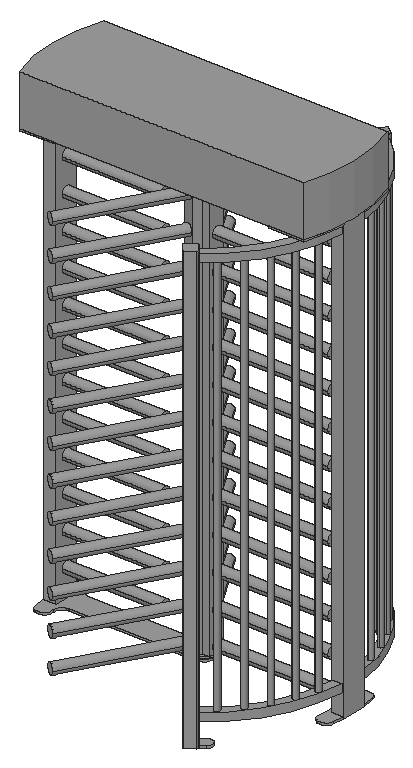
Revit family "ASSA_ABLOY_FT100", category Generic Models, Revit 2020
Family settings
  Can host rebar = No
  Round Connector Dimension = Use Diameter
  Part Type = Normal
  Work Plane-Based = No
  Always vertical = Yes
  Cut with Voids When Loaded = No
  Shared = No
  Room Calculation Point = No
Parameters (values of type "FT100")
  Weight = "Depends on configuration and size"
  WarrantyDescription = "Depends on country"
  Uniclass2 = ""
  URL = "https://www.assaabloyentrance.com"
  ThresholdRequired = no
  System Type Input [instance] = 1
  Shape = "Cylinder shaped"
  ServiceLifeDuration = "10-15 years"
  SerialNumber = "n/a"
  SelfClosing = yes
  SafetyDevices = "Force Limitations"
  ReplacementCost = "Depends on the configuration and door type"
  ReferenceStandard = "n/a"
  ProductionYear = "n/a"
  PassageWidthOptions = "600, 630, 670"
  OperatingTemperature = "-20º to +70ºC"
  NominalWidth = 1441.0 mm
  NominalLength = 1220.0 mm
  NominalHeight = 2370.0 mm
  ModelReference = "Depends on the configuration"
  Model = "Maxima"
  Material = "Aluminum"
  ManufacturerURL = "https://www.assaabloyentrance.com"
  Manufacturer = "Tansa"
  Length [instance] = if(System Type Input = 1, 1220.0 mm, if(System Type Input = 2, 1295.0 mm, if(System Type Input = 3, 1372.0 mm, 1372.0 mm)))  # 1220.0 mm
  LeafColourOptions = "All RAL, customer specific"
  IssueDate = "n/a"
  IsExternal = yes
  HeightUnderCanopyOptions = "2125"
  HasDrive = yes
  HandicapAccessible = no
  GlassType = "n/a"
  GlassThickness2 = 0.0 mm
  GlassThickness1 = 0.0 mm
  GlassLayers = 0
  FrameSeal = yes
  FrameProfile = "Aluminium"
  FrameFinishOptions = "Powder coated, Anodized, Clad in stainless steel, etc."
  Frame Material [instance] = AssaAbloy_Metal
  FireExit = no
  Finish [instance] = "Powder coated, Anodized, stainless steel, customer specific"
  ElectronicLock = yes
  DrumWallOptions = "Metal"
  DoorsetOptions = "no"
  DoorsetOperation = "Automatic"
  DoorsetFasteners = "Screws"
  DoorIncluded = yes
  Description = "Full height turnstile"
  Default Elevation = 0.0 mm
  Construction Type = "Full-height turnstile"
  Colour = "Customer specific"
  Clearance Zone Material [instance] = AssaAbloy_Clearance
  Clearance Zone [instance] = no
  Width [instance] = if(System Type Input = 1, 1441.0 mm, if(System Type Input = 2, 1501.0 mm, if(System Type Input = 3, 1580.0 mm, 1580.0 mm)))  # 1441.0 mm
  Clear Open Width [instance] = if(System Type Input = 1, 600.0 mm, if(System Type Input = 2, 630.0 mm, if(System Type Input = 3, 670.0 mm, 670.0 mm)))  # 600.0 mm
  Capacity = "n/a"
  Burglar resistance = "No"
  BreakoutFacility = no
  Author = "agtatec"
  AntiFingerTrapRequirement = no
  Anti-tailgating/Anti-piggybacking = "Yes"
  AccessoryOptions = "Contact manufacturer"
  Access control/Biometrics = "Yes"
Reference planes
  plane 1 "Center (Front/Back)": y = 0
  plane 2: z = 0
  plane 3 "Center (Left/Right)": x = 0
  plane 4: x = -720.5
  plane 5: x = 720.5
Dimensions and locks
  equal spacing: plane 4, plane 3 "Center (Left/Right)", plane 5
  "Width": plane 4 to plane 5
  aligned and locked: level to plane 2
  aligned and locked: nested 3 to plane 4
  aligned and locked: plane 5 to nested 1
Nested families
  nested 1: "record_MRT_SideElement" at (720.5, 0, 0), type "record_MRT_SideElement"
    with Width/2 720.5 mm, Grid no, Grate yes, Width 1441.0 mm
  nested 2: "record_MRT_Canopy" at (0, 0, 2125), Width <- "Width", Clearance Zone <- "Clearance Zone", Clearance Zone Material <- "Clearance Zone Material", type "record_MRT_Canopy"
    with Width 1441.0 mm, Clearance Zone Material AssaAbloy_Clearance, Clearance Zone no
  nested 3: "record_MRT_SideElement" at (-720.5, 0, 0) x (-1, 0, 0) z (0, 0, 1), type "record_MRT_SideElement"
    with Width/2 720.5 mm, Grid yes, Grate no, Width 1441.0 mm
  nested 4: "record_MRT_Grate" at (0, 0, 0), Width <- "Width", type "record_MRT_Grate"
    with Width 1441.0 mm, Radius 692.9 mm, Length 1220.0 mm, Angle 52.95°
  nested 5: "record_MRT_Grate" at (0, 0, 0), Width <- "Width", type "record_MRT_Grate"
    with Width 1441.0 mm, Radius 692.9 mm, Length 1220.0 mm, Angle 52.95°
  nested 6: "record_MRT_CZ" at (0, 0, 0), Width <- "Width", Clearance Zone <- "Clearance Zone", Clearance Zone Material <- "Clearance Zone Material", type "record_MRT_CZ"
    with Width 1441.0 mm, Clearance Zone Material AssaAbloy_Clearance, Clearance Zone no, CZRadius2 621.3 mm, CZRadius1 725.5 mm, Angle 52.95°
  nested 7: "record_MRT_RevolvingElement" at (0, 0, 0), type "record_MRT_RevolvingElement"
    with Rods Offset 37.0 mm, Rods Length 555.9 mm, COW 600.0 mm
Definition of nested family "record_MRT_SideElement"
  Parameters (values of type "record_MRT_SideElement")
    Width/2 [instance] = Width / 2  # 790.0 mm
    Width = 1580.0 mm
    Grid [instance] = yes
    Grate [instance] = yes
    Frame Material = none
    Default Elevation = 0.0 mm
  Reference planes
    plane 1 "Center (Front/Back)": y = 0
    plane 2: z = 0
    plane 3 "Center (Left/Right)": x = 0
    plane 4: z = 2125
    plane 5: x = -790
    plane 6: x = -605.8
    plane 7: x = -120.668
  Forms (mm)
    Sweep 1, solid, material <- "Frame Material", visible <- "Grate", not visible
      path origin (743.754, 172.094, 0) x (0, 0, 1) y (0.225717, -0.974193, 0)
        loop
          line (148.5, 0) -> (2077, 0)
      profile origin (743.754, 172.094, 1112.75) x (0.225717, -0.974193, 0) y (0.974193, 0.225717, 0)
        loop
          circle (0, -0.066) r 10
    Sweep 2, solid, material <- "Frame Material", visible <- "Grate", not visible
      path origin (709.973, 280.46, 0) x (0, 0, 1) y (0.36785, -0.929885, 0)
        loop
          line (148.5, 0) -> (2077, 0)
      profile origin (709.973, 280.46, 1112.75) x (0.36785, -0.929885, 0) y (0.929885, 0.36785, 0)
        loop
          circle (0, -0.066) r 10
    Sweep 3, solid, material <- "Frame Material", visible <- "Grate", not visible
      path origin (660.477, 382.61, 0) x (0, 0, 1) y (0.50183, -0.864966, 0)
        loop
          line (148.5, 0) -> (2077, 0)
      profile origin (660.477, 382.61, 1112.75) x (0.50183, -0.864966, 0) y (0.864966, 0.50183, 0)
        loop
          circle (0, -0.066) r 10
    Sweep 4, solid, material <- "Frame Material", visible <- "Grate", not visible
      path origin (599.29, 472.625, 0) x (0, 0, 1) y (0.625012, -0.780615, 0)
        loop
          line (148.5, -5) -> (2077, -5)
      profile origin (596.165, 476.528, 1112.75) x (0.625012, -0.780615, 0) y (0.780615, 0.625012, 0)
        loop
          circle (0, -0.066) r 10
    Sweep 5, solid, material <- "Frame Material", visible <- "Grate", not visible
      path origin (522.49, 556.213, 0) x (0, 0, 1) y (0.73398, -0.679171, 0)
        loop
          line (148.5, -5) -> (2077, -5)
      profile origin (518.82, 559.609, 1112.75) x (0.73398, -0.679171, 0) y (0.679171, 0.73398, 0)
        loop
          circle (0, -0.066) r 10
    Sweep 6, solid, material <- "Frame Material", visible <- "Grate", not visible
      path origin (434.471, 627.239, 0) x (0, 0, 1) y (0.826376, -0.563119, 0)
        loop
          line (0, -5) -> (2130, -5)
      profile origin (430.339, 630.054, 1065) x (0.826376, -0.563119, 0) y (0.563119, 0.826376, 0)
        loop
          line (-6.4, 29.934) -> (-53.6, 29.934)
          arc (-53.6, 29.934) -> (-58.125, 28.06) -> (-60, 23.534) r 6.4
          line (-60, 23.534) -> (-60, -23.666)
          arc (-60, -23.666) -> (-58.125, -28.191) -> (-53.6, -30.066) r 6.4
          line (-53.6, -30.066) -> (-6.4, -30.066)
          arc (-6.4, -30.066) -> (-1.875, -28.191) -> (0, -23.666) r 6.4
          line (0, -23.666) -> (0, 23.534)
          arc (0, 23.534) -> (-1.875, 28.06) -> (-6.4, 29.934) r 6.4
    Sweep 7, solid, material <- "Frame Material", visible <- "Grate", not visible
      path origin (0, 0, 0) x (1, 0, 0) y (0, 1, 0)
        loop
          arc (763.43, 0) -> (675.033, 356.342) -> (430.339, 630.054) r 762.43
      profile origin (675.033, 356.342, 0) x (-0.884058, -0.467376, 0) y (0, 0, 1)
        loop
          line (19.934, 108.5) -> (19.934, 148.5) -> (-20.066, 148.5) -> (-20.066, 108.5) -> (19.934, 108.5)
        loop
          line (19.934, 2077) -> (19.934, 2117) -> (-20.066, 2117) -> (-20.066, 2077) -> (19.934, 2077)
    Sweep 8, solid, material <- "Frame Material", visible <- "Grate", not visible
      path origin (430.339, 630.054, 0) x (0, 0, 1) y (0.826376, -0.563119, 0)
        loop
          line (0, 0) -> (8, 0)
      profile origin (430.339, 630.054, 4) x (0.826376, -0.563119, 0) y (0.563119, 0.826376, 0)
        loop
          line (0, 27.934) -> (0, -28.066)
          arc (0, -28.066) -> (14.452, -28.208) -> (28.898, -28.634) r 734.365
          arc (28.898, -28.634) -> (57.978, -1.758) -> (31.102, 27.322) r 28
          arc (31.102, 27.322) -> (15.554, 27.781) -> (0, 27.934) r 790.365
    Sweep 9, solid, material <- "Frame Material", visible <- "Grate", not visible
      path origin (473.627, 546.001, 0) x (0, 0, 1) y (0.755398, -0.655267, 0)
        loop
          line (148.5, 0) -> (2077, 0)
      profile origin (473.627, 546.001, 1112.75) x (0.755398, -0.655267, 0) y (0.655267, 0.755398, 0)
        loop
          arc (10, -0.066) -> (0, 9.934) -> (-10, -0.066) r 10
          line (-10, -0.066) -> (-10, -10) -> (10, -10) -> (10, -0.066)
    Sweep 10, solid, material <- "Frame Material"
      path origin (0, 153.297, 1200) x (0, 1, 0) y (0, 0, 1)
        loop
          line (-153.297, -1200) -> (-153.297, 925)
      profile origin (0, 0, 1062.5) x (0, -1, 0) y (1, 0, 0)
        loop
          line (60, 0) -> (-60, 0) -> (-60, -60) -> (60, -60) -> (60, 0)
    Sweep 11, solid, material <- "Frame Material", visible <- "Grid", detail levels fine
      path origin (-790, 0, 0) x (1, 0, 0) y (0, 1, 0)
        loop
          line (184.2, 0) -> (730, 0)
      profile origin (-332.9, 0, 0) x (0, 1, 0) y (0, 0, 1)
        loop
          circle (0, 143) r 25.5
        loop
          circle (0, 304) r 25.5
        loop
          circle (0, 465) r 25.5
        loop
          circle (0, 626) r 25.5
        loop
          circle (0, 787) r 25.5
        loop
          circle (0, 948) r 25.5
        loop
          circle (0, 1109) r 25.5
        loop
          circle (0, 1270) r 25.5
        loop
          circle (0, 1431) r 25.5
        loop
          circle (0, 1592) r 25.5
        loop
          circle (0, 1753) r 25.5
        loop
          circle (0, 1914) r 25.5
        loop
          circle (0, 2075) r 25.5
    Sweep 12, solid, material <- "Frame Material", visible <- "Grid", detail levels medium
      path origin (0, 0, 0) x (1, 0, 0) y (0, 1, 0)
        loop
          line (-605.8, 0) -> (-60, 0)
      profile origin (-332.9, 0, 0) x (0, 1, 0) y (0, 0, 1)
        loop
          line (25.5, 2100.5) -> (-25.5, 2100.5) -> (-25.5, 2049.5) -> (25.5, 2049.5) -> (25.5, 2100.5)
        loop
          line (25.5, 1939.5) -> (-25.5, 1939.5) -> (-25.5, 1888.5) -> (25.5, 1888.5) -> (25.5, 1939.5)
        loop
          line (25.5, 1778.5) -> (-25.5, 1778.5) -> (-25.5, 1727.5) -> (25.5, 1727.5) -> (25.5, 1778.5)
        loop
          line (25.5, 1617.5) -> (-25.5, 1617.5) -> (-25.5, 1566.5) -> (25.5, 1566.5) -> (25.5, 1617.5)
        loop
          line (25.5, 1456.5) -> (-25.5, 1456.5) -> (-25.5, 1405.5) -> (25.5, 1405.5) -> (25.5, 1456.5)
        loop
          line (25.5, 1295.5) -> (-25.5, 1295.5) -> (-25.5, 1244.5) -> (25.5, 1244.5) -> (25.5, 1295.5)
        loop
          line (25.5, 1134.5) -> (-25.5, 1134.5) -> (-25.5, 1083.5) -> (25.5, 1083.5) -> (25.5, 1134.5)
        loop
          line (25.5, 973.5) -> (-25.5, 973.5) -> (-25.5, 922.5) -> (25.5, 922.5) -> (25.5, 973.5)
        loop
          line (25.5, 812.5) -> (-25.5, 812.5) -> (-25.5, 761.5) -> (25.5, 761.5) -> (25.5, 812.5)
        loop
          line (25.5, 651.5) -> (-25.5, 651.5) -> (-25.5, 600.5) -> (25.5, 600.5) -> (25.5, 651.5)
        loop
          line (25.5, 490.5) -> (-25.5, 490.5) -> (-25.5, 439.5) -> (25.5, 439.5) -> (25.5, 490.5)
        loop
          line (25.5, 329.5) -> (-25.5, 329.5) -> (-25.5, 278.5) -> (25.5, 278.5) -> (25.5, 329.5)
        loop
          line (25.5, 168.5) -> (-25.5, 168.5) -> (-25.5, 117.5) -> (25.5, 117.5) -> (25.5, 168.5)
    Sweep 13, solid, material <- "Frame Material", visible <- "Grid", detail levels coarse
      path origin (0, 0, 0) x (1, 0, 0) y (0, 1, 0)
        loop
          line (-605.8, 0) -> (-60, 0)
      profile origin (-332.9, 0, 0) x (0, 1, 0) y (0, 0, 1)
        loop
          line (25.5, 2125) -> (-25.5, 2125) -> (-25.5, 0) -> (25.5, 0) -> (25.5, 2125)
    Extrusion 14, solid, material <- "Frame Material", visible <- "Grid", detail levels fine
      sketch origin (0, 0, 0) x (1, 0, 0) y (0, 1, 0)
        loop
          arc (-0.483, 60) -> (-2.898, 88.854) -> (-7.332, 117.467) r 412.33
          arc (-7.332, 117.467) -> (-51.695, 147.837) -> (-82.942, 104.088) r 38.4
          arc (-82.942, 104.088) -> (-91.655, 73.359) -> (-120.668, 60) r 38.185
          line (-120.668, 60) -> (-120.668, -60)
          arc (-120.668, -60) -> (-91.659, -73.354) -> (-82.94, -104.076) r 38.185
          arc (-82.94, -104.076) -> (-51.554, -147.836) -> (-7.278, -117.183) r 38.4
          arc (-7.278, -117.183) -> (-2.881, -88.71) -> (-0.483, -60) r 412.33
          line (-0.483, -60) -> (-60, -60) -> (-60, 60) -> (-0.483, 60)
      from 8 to 0
    Extrusion 15, solid, material <- "Frame Material", visible <- "Grid", detail levels fine
      sketch origin (-670.332, 0, 0) x (1, 0, 0) y (0, 1, 0)
        loop
          line (549.664, 60) -> (-119.668, 60)
          arc (-119.668, 60) -> (-179.668, 0) -> (-119.668, -60) r 60
          line (-119.668, -60) -> (549.664, -60) -> (549.664, 60)
      from 8 to 0
  Cuts and joins
    joined: Extrusion 14, Extrusion 15
  Lines and regions (mm)
    reference lines
      curve 1: circle (-790, 0, 0) r 60 normal (0, 0, 1)
  Dimensions and locks
    plane 4 to plane 2 = 2125.0 mm
    equal spacing: curve 1, plane 5, curve 1, locked at 60 each
    "Width/2": plane 5 to plane 3 "Center (Left/Right)"
    locked: plane 5 to plane 6 at 184.2
    locked: plane 7 to plane 3 "Center (Left/Right)" at 120.668
    aligned and locked: level to plane 2
    aligned and locked: plane 6 to Sweep 11 sketch curve
    aligned and locked: plane 6 to Sweep 12 sketch curve
  Automatic sketch dimensions
    plane 1 "Center (Front/Back)" to curve 1 = 0.0 mm
    curve 1 to plane 5 = 0.0 mm
    Sweep 10 sketch curve to plane 1 "Center (Front/Back)" = 0.0 mm
    Sweep 10 sketch curve to level = 0.0 mm
    plane 4 to Sweep 10 sketch curve = 0.0 mm
    Sweep 10 sketch curve to profile plane = 0.0 mm
    profile plane to Sweep 10 sketch curve = 60.0 mm
    Sweep 10 sketch curve to profile plane = 60.0 mm  (x2)
    plane 1 "Center (Front/Back)" to Sweep 11 sketch curve = 0.0 mm
    Sweep 11 sketch curve to plane 3 "Center (Left/Right)" = 60.0 mm
    Sweep 11 sketch curve to profile plane = 0.0 mm  (x13)
    profile plane to Sweep 11 sketch curve = 143.0 mm
    Sweep 11 sketch curve to Sweep 11 sketch curve = 161.0 mm  (x12)
    plane 1 "Center (Front/Back)" to Sweep 12 sketch curve = 0.0 mm
    Sweep 12 sketch curve to plane 3 "Center (Left/Right)" = 60.0 mm
    profile plane to Sweep 12 sketch curve = 25.5 mm  (x13)
    Sweep 12 sketch curve to profile plane = 25.5 mm  (x13)
    level to Sweep 12 sketch curve = 117.5 mm
    Sweep 12 sketch curve to Sweep 12 sketch curve = 51.0 mm  (x13)
    Sweep 12 sketch curve to Sweep 12 sketch curve = 110.0 mm  (x12)
    Sweep 13 sketch curve to plane 6 = 0.0 mm
    plane 1 "Center (Front/Back)" to Sweep 13 sketch curve = 0.0 mm
    Sweep 13 sketch curve to plane 3 "Center (Left/Right)" = 60.0 mm
    Sweep 13 sketch curve to level = 0.0 mm
    profile plane to Sweep 13 sketch curve = 25.5 mm
    Sweep 13 sketch curve to profile plane = 25.5 mm
    level to Sweep 13 sketch curve = 2125.0 mm
    Extrusion 14 sketch curve to plane 7 = 0.0 mm
    Extrusion 14 sketch curve to plane 1 "Center (Front/Back)" = 40.055 mm
    Extrusion 14 sketch curve to plane 7 = 291.662 mm
    plane 1 "Center (Front/Back)" to Extrusion 14 sketch curve = 40.055 mm
    Extrusion 14 sketch curve to Extrusion 14 sketch curve = 0.0 mm  (x3)
    Extrusion 14 sketch curve to plane 3 "Center (Left/Right)" = 60.0 mm
    Extrusion 14 sketch curve to plane 3 "Center (Left/Right)" = 45.004 mm
    Extrusion 14 sketch curve to plane 3 "Center (Left/Right)" = 45.0 mm
    Extrusion 14 sketch curve to plane 3 "Center (Left/Right)" = 0.483 mm  (x2)
    plane 1 "Center (Front/Back)" to Extrusion 14 sketch curve = 60.0 mm  (x2)
    Extrusion 14 sketch curve to Extrusion 14 sketch curve = 38.185 mm  (x2)
    Extrusion 14 sketch curve to Extrusion 14 sketch curve = 50.0 mm
    Extrusion 14 sketch curve to plane 1 "Center (Front/Back)" = 60.0 mm  (x2)
    Extrusion 14 sketch curve to Extrusion 14 sketch curve = 50.024 mm
    plane 1 "Center (Front/Back)" to Extrusion 15 sketch curve = 0.0 mm
    Extrusion 15 sketch curve to plane 5 = 0.0 mm
    Extrusion 15 sketch curve to plane 7 = 0.0 mm
    plane 1 "Center (Front/Back)" to Extrusion 15 sketch curve = 60.0 mm
    radius of curve 1 = 60.0 mm
    radius of Sweep 11 sketch curve = 25.5 mm  (x13)
  Nested families
    nested 1: "record_MRT_Element_1" at (0, 0, 0), visible <- "Grate", type "record_MRT_Element_1"
  Definition of nested family "record_MRT_Element_1"
    Parameters (values of type "record_MRT_Element_1")
      Frame Material = none
      Default Elevation = 0.0 mm
    Reference planes
      plane 1 "Center (Front/Back)": y = 0
      plane 2: z = 0
      plane 3 "Center (Left/Right)": x = 0
      plane 4: z = 2125
    Forms (mm)
      Sweep 1, solid, material <- "Frame Material", not visible
        path origin (743.754, 172.094, 0) x (0, 0, 1) y (0.225717, -0.974193, 0)
          loop
            line (148.5, 0) -> (2077, 0)
        profile origin (743.754, 172.094, 1112.75) x (0.225717, -0.974193, 0) y (0.974193, 0.225717, 0)
          loop
            circle (0, -0.066) r 10
      Sweep 2, solid, material <- "Frame Material", not visible
        path origin (709.973, 280.46, 0) x (0, 0, 1) y (0.36785, -0.929885, 0)
          loop
            line (148.5, 0) -> (2077, 0)
        profile origin (709.973, 280.46, 1112.75) x (0.36785, -0.929885, 0) y (0.929885, 0.36785, 0)
          loop
            circle (0, -0.066) r 10
      Sweep 3, solid, material <- "Frame Material", not visible
        path origin (660.477, 382.61, 0) x (0, 0, 1) y (0.50183, -0.864966, 0)
          loop
            line (148.5, 0) -> (2077, 0)
        profile origin (660.477, 382.61, 1112.75) x (0.50183, -0.864966, 0) y (0.864966, 0.50183, 0)
          loop
            circle (0, -0.066) r 10
      Sweep 4, solid, material <- "Frame Material", not visible
        path origin (599.29, 472.625, 0) x (0, 0, 1) y (0.625012, -0.780615, 0)
          loop
            line (148.5, -5) -> (2077, -5)
        profile origin (596.165, 476.528, 1112.75) x (0.625012, -0.780615, 0) y (0.780615, 0.625012, 0)
          loop
            circle (0, -0.066) r 10
      Sweep 5, solid, material <- "Frame Material", not visible
        path origin (522.49, 556.213, 0) x (0, 0, 1) y (0.73398, -0.679171, 0)
          loop
            line (148.5, -5) -> (2077, -5)
        profile origin (518.82, 559.609, 1112.75) x (0.73398, -0.679171, 0) y (0.679171, 0.73398, 0)
          loop
            circle (0, -0.066) r 10
      Sweep 6, solid, material <- "Frame Material", not visible
        path origin (434.471, 627.239, 0) x (0, 0, 1) y (0.826376, -0.563119, 0)
          loop
            line (0, -5) -> (2130, -5)
        profile origin (430.339, 630.054, 1065) x (0.826376, -0.563119, 0) y (0.563119, 0.826376, 0)
          loop
            line (-6.4, 29.934) -> (-53.6, 29.934)
            arc (-53.6, 29.934) -> (-58.125, 28.06) -> (-60, 23.534) r 6.4
            line (-60, 23.534) -> (-60, -23.666)
            arc (-60, -23.666) -> (-58.125, -28.191) -> (-53.6, -30.066) r 6.4
            line (-53.6, -30.066) -> (-6.4, -30.066)
            arc (-6.4, -30.066) -> (-1.875, -28.191) -> (0, -23.666) r 6.4
            line (0, -23.666) -> (0, 23.534)
            arc (0, 23.534) -> (-1.875, 28.06) -> (-6.4, 29.934) r 6.4
      Sweep 7, solid, material <- "Frame Material", not visible
        path origin (0, 0, 0) x (1, 0, 0) y (0, 1, 0)
          loop
            arc (763.43, 0) -> (675.033, 356.342) -> (430.339, 630.054) r 762.43
        profile origin (675.033, 356.342, 0) x (-0.884058, -0.467376, 0) y (0, 0, 1)
          loop
            line (19.934, 108.5) -> (19.934, 148.5) -> (-20.066, 148.5) -> (-20.066, 108.5) -> (19.934, 108.5)
          loop
            line (19.934, 2077) -> (19.934, 2117) -> (-20.066, 2117) -> (-20.066, 2077) -> (19.934, 2077)
      Sweep 8, solid, material <- "Frame Material", not visible
        path origin (430.339, 630.054, 0) x (0, 0, 1) y (0.826376, -0.563119, 0)
          loop
            line (0, 0) -> (8, 0)
        profile origin (430.339, 630.054, 4) x (0.826376, -0.563119, 0) y (0.563119, 0.826376, 0)
          loop
            line (0, 27.934) -> (0, -28.066)
            arc (0, -28.066) -> (14.452, -28.208) -> (28.898, -28.634) r 734.365
            arc (28.898, -28.634) -> (57.978, -1.758) -> (31.102, 27.322) r 28
            arc (31.102, 27.322) -> (15.554, 27.781) -> (0, 27.934) r 790.365
      Sweep 9, solid, material <- "Frame Material", not visible
        path origin (473.627, 546.001, 0) x (0, 0, 1) y (0.755398, -0.655267, 0)
          loop
            line (148.5, 0) -> (2077, 0)
        profile origin (473.627, 546.001, 1112.75) x (0.755398, -0.655267, 0) y (0.655267, 0.755398, 0)
          loop
            arc (10, -0.066) -> (0, 9.934) -> (-10, -0.066) r 10
            line (-10, -0.066) -> (-10, -10) -> (10, -10) -> (10, -0.066)
      Extrusion 10, solid, material <- "Frame Material", detail levels fine
        sketch origin (-791, 0, 0) x (1, 0, 0) y (0, 1, 0)
          loop
            arc (790.732, 60) -> (787.96, 88.021) -> (784.141, 115.919) r 752.001
            arc (784.141, 115.919) -> (740.436, 147.965) -> (708.212, 104.391) r 38.4
            arc (708.212, 104.391) -> (715.877, 0) -> (708.212, -104.391) r 714.677
            arc (708.212, -104.391) -> (740.436, -147.965) -> (784.141, -115.919) r 38.4
            arc (784.141, -115.919) -> (787.96, -88.021) -> (790.732, -60) r 752.001
            line (790.732, -60) -> (731, -60) -> (731, 60) -> (790.732, 60)
        from 8 to 0
    Dimensions and locks
      plane 4 to plane 2 = 2125.0 mm
      radius of Extrusion 10 sketch curve = 714.677 mm
      radius of Extrusion 10 sketch curve = 752.001 mm  (x2)
      radius of Extrusion 10 sketch curve = 38.4 mm
      aligned and locked: level to plane 2
Definition of nested family "record_MRT_Canopy"
  Parameters (values of type "record_MRT_Canopy")
    Width [instance] = 1580.0 mm
    Frame Material = none
    Default Elevation = 0.0 mm
    Clearance Zone Material [instance] = none
    Clearance Zone [instance] = yes
  Reference planes
    plane 1 "Center (Front/Back)": y = 0
    plane 2: z = 0
    plane 3 "Center (Left/Right)": x = 0
    plane 4: z = 245
    plane 5: x = 790
    plane 6: x = -790
    plane 7: y = 249.999
    plane 8: y = -249.999
    plane 9: x = -27.7
    plane 10: x = 27.7
  Forms (mm)
    Extrusion 1, solid, material <- "Frame Material"
      sketch origin (0, 0, 0) x (1, 0, 0) y (0, 1, 0)
        loop
          arc (-749.957, 249.999) -> (-792, 0) -> (-749.957, -249.999) r 764.3
          line (-749.957, -249.999) -> (749.957, -249.999)
          arc (749.957, -249.999) -> (792, 0) -> (749.957, 249.999) r 764.3
          line (749.957, 249.999) -> (-749.957, 249.999)
      from 0 to 245
    Extrusion 2, solid, material <- "Frame Material", detail levels fine
      sketch origin (0, 0, 0) x (1, 0, 0) y (0, 1, 0)
        loop
          arc (-749.957, 249.999) -> (-775.855, 156.264) -> (-789.641, 60) r 764.3
          line (-789.641, 60) -> (-730.026, 60) -> (-730.026, -60) -> (-789.641, -60)
          arc (-789.641, -60) -> (-775.855, -156.264) -> (-749.957, -249.999) r 764.3
          line (-749.957, -249.999) -> (-580.6, -249.999) -> (-580.6, 249.999) -> (-749.957, 249.999)
      from -8 to 0
    Extrusion 3, solid, material <- "Clearance Zone Material", visible <- "Clearance Zone"
      sketch origin (0, 0, 0) x (1, 0, 0) y (0, 1, 0)
        loop
          arc (-753.509, 254.999) -> (-797.001, 0) -> (-753.51, -254.999) r 769.301
          line (-753.51, -254.999) -> (753.51, -254.999)
          arc (753.51, -254.999) -> (797.001, 0) -> (753.509, 254.999) r 769.301
          line (753.509, 254.999) -> (-753.509, 254.999)
      from -10 to 247
    Extrusion 4, solid, material <- "Frame Material", detail levels fine
      sketch origin (0, 0, 0) x (-1, 0, 0) y (0, -1, 0)
        loop
          line (-749.957, -249.999) -> (-580.6, -249.999) -> (-580.6, 249.999) -> (-749.957, 249.999)
          arc (-749.957, 249.999) -> (-775.868, 156.265) -> (-789.667, 60) r 764.334
          line (-789.667, 60) -> (-730, 60) -> (-730, -60) -> (-789.615, -60)
          arc (-789.615, -60) -> (-775.842, -156.264) -> (-749.957, -249.999) r 764.266
      from -8 to 0
  Lines and regions (mm)
    reference lines
      curve 1: circle (-27.7, -0.001, 0) r 764.3 normal (0, 0, 1)
      curve 2: circle (27.7, -0.001, 0) r 764.3 normal (0, 0, -1)
  Dimensions and locks
    plane 4 to plane 2 = 245.0 mm
    equal spacing: plane 6, plane 3 "Center (Left/Right)", plane 5
    "Width": plane 6 to plane 5
    locked: plane 7 to plane 8 at 499.998
    equal spacing: plane 8, plane 1 "Center (Front/Back)", plane 7
    equal spacing: curve 1, plane 9, curve 1
    locked: plane 6 to plane 9 at 762.3
    equal spacing: curve 2, plane 10, curve 2
    locked: plane 10 to plane 5 at 762.3
    equal spacing: Extrusion 2 sketch curve, plane 1 "Center (Front/Back)", Extrusion 2 sketch curve
    locked: Extrusion 2 sketch curve to Extrusion 2 sketch curve at 120
    Extrusion 4 sketch curve to Extrusion 4 sketch curve = 120.0 mm
    locked: Extrusion 4 sketch curve to Extrusion 4 sketch curve at 120
    locked: Extrusion 4 sketch curve to plane 5 at 209.4
    locked: plane 6 to Extrusion 2 sketch curve at 209.4
    aligned and locked: level to plane 2
    aligned and locked: plane 8 to Extrusion 1 sketch curve
    aligned and locked: Extrusion 1 sketch curve to curve 1
    aligned and locked: Extrusion 2 sketch curve to curve 1  (x2)
    aligned and locked: plane 8 to Extrusion 2 sketch curve
    aligned and locked: plane 7 to Extrusion 2 sketch curve
    aligned and locked: Extrusion 1 sketch curve to curve 2
  Automatic sketch dimensions
    plane 1 "Center (Front/Back)" to curve 2 = 0.001 mm
    plane 1 "Center (Front/Back)" to curve 1 = 0.001 mm
    plane 7 to Extrusion 1 sketch curve = 0.0 mm
    Extrusion 2 sketch curve to Extrusion 2 sketch curve = 59.615 mm
    Extrusion 3 sketch curve to plane 10 = 0.0 mm
    Extrusion 3 sketch curve to plane 9 = 0.0 mm
    Extrusion 3 sketch curve to plane 7 = 5.0 mm
    Extrusion 3 sketch curve to plane 6 = 36.491 mm
    Extrusion 3 sketch curve to plane 8 = 5.0 mm
    Extrusion 3 sketch curve to plane 6 = 36.49 mm
    Extrusion 3 sketch curve to plane 5 = 36.491 mm
    Extrusion 3 sketch curve to plane 5 = 36.49 mm
    Extrusion 3 sketch curve to Extrusion 3 sketch curve = 0.0 mm
    Extrusion 4 sketch curve to Extrusion 4 sketch curve = 0.0 mm  (x2)
    Extrusion 4 sketch curve to plane 8 = 0.0 mm
    plane 7 to Extrusion 4 sketch curve = 0.0 mm
    Extrusion 4 sketch curve to plane 10 = 0.0 mm
    plane 5 to Extrusion 4 sketch curve = 60.0 mm
    plane 5 to Extrusion 4 sketch curve = 40.043 mm  (x2)
    plane 5 to Extrusion 4 sketch curve = 0.385 mm
    Extrusion 4 sketch curve to plane 1 "Center (Front/Back)" = 60.0 mm
    radius of curve 1 = 764.3 mm
    radius of curve 2 = 764.3 mm
Definition of nested family "record_MRT_Grate"
  Parameters (values of type "record_MRT_Grate")
    Width [instance] = 1501.0 mm
    Radius [instance] = Width / 2 - 27.6 mm  # 722.9 mm
    Length [instance] = if(Width = 1441.0 mm, 1220.0 mm, if(Width = 1501.0 mm, 1295.0 mm, 1372.0 mm))  # 1295.0 mm
    Frame Material = none
    Default Elevation = 0.0 mm
    Angle [instance] = if(Width = 1441.0 mm, 52.95°, if(Width = 1501.0 mm, 54.90°, 55.73°))  # 54.90°
  Reference planes
    plane 1 "Center (Front/Back)": y = 0
    plane 2: z = 0
    plane 3 "Center (Left/Right)": x = 0
    plane 4: z = 2125
    plane 5: x = 750.5
    plane 6: x = -750.5
    plane 7: y = 647.5
    plane 8: y = -647.5
  Forms (mm)
    Sweep 1, solid, material <- "Frame Material", not visible
      path origin (743.754, 172.094, 0) x (0, 0, 1) y (0.225717, -0.974193, 0)
        loop
          line (148.5, 0) -> (2077, 0)
      profile origin (743.754, 172.094, 1112.75) x (0.225717, -0.974193, 0) y (0.974193, 0.225717, 0)
        loop
          circle (0, -0.066) r 10
    Sweep 2, solid, material <- "Frame Material", not visible
      path origin (709.973, 280.46, 0) x (0, 0, 1) y (0.36785, -0.929885, 0)
        loop
          line (148.5, 0) -> (2077, 0)
      profile origin (709.973, 280.46, 1112.75) x (0.36785, -0.929885, 0) y (0.929885, 0.36785, 0)
        loop
          circle (0, -0.066) r 10
    Sweep 3, solid, material <- "Frame Material", not visible
      path origin (660.477, 382.61, 0) x (0, 0, 1) y (0.50183, -0.864966, 0)
        loop
          line (148.5, 0) -> (2077, 0)
      profile origin (660.477, 382.61, 1112.75) x (0.50183, -0.864966, 0) y (0.864966, 0.50183, 0)
        loop
          circle (0, -0.066) r 10
    Sweep 4, solid, material <- "Frame Material", not visible
      path origin (599.29, 472.625, 0) x (0, 0, 1) y (0.625012, -0.780615, 0)
        loop
          line (148.5, -5) -> (2077, -5)
      profile origin (596.165, 476.528, 1112.75) x (0.625012, -0.780615, 0) y (0.780615, 0.625012, 0)
        loop
          circle (0, -0.066) r 10
    Sweep 5, solid, material <- "Frame Material", not visible
      path origin (522.49, 556.213, 0) x (0, 0, 1) y (0.73398, -0.679171, 0)
        loop
          line (148.5, -5) -> (2077, -5)
      profile origin (518.82, 559.609, 1112.75) x (0.73398, -0.679171, 0) y (0.679171, 0.73398, 0)
        loop
          circle (0, -0.066) r 10
    Sweep 6, solid, material <- "Frame Material", not visible
      path origin (434.471, 627.239, 0) x (0, 0, 1) y (0.826376, -0.563119, 0)
        loop
          line (0, -5) -> (2130, -5)
      profile origin (430.339, 630.054, 1065) x (0.826376, -0.563119, 0) y (0.563119, 0.826376, 0)
        loop
          line (-6.4, 29.934) -> (-53.6, 29.934)
          arc (-53.6, 29.934) -> (-58.125, 28.06) -> (-60, 23.534) r 6.4
          line (-60, 23.534) -> (-60, -23.666)
          arc (-60, -23.666) -> (-58.125, -28.191) -> (-53.6, -30.066) r 6.4
          line (-53.6, -30.066) -> (-6.4, -30.066)
          arc (-6.4, -30.066) -> (-1.875, -28.191) -> (0, -23.666) r 6.4
          line (0, -23.666) -> (0, 23.534)
          arc (0, 23.534) -> (-1.875, 28.06) -> (-6.4, 29.934) r 6.4
    Sweep 7, solid, material <- "Frame Material", not visible
      path origin (0, 0, 0) x (1, 0, 0) y (0, 1, 0)
        loop
          arc (763.43, 0) -> (675.033, 356.342) -> (430.339, 630.054) r 762.43
      profile origin (675.033, 356.342, 0) x (-0.884058, -0.467376, 0) y (0, 0, 1)
        loop
          line (19.934, 108.5) -> (19.934, 148.5) -> (-20.066, 148.5) -> (-20.066, 108.5) -> (19.934, 108.5)
        loop
          line (19.934, 2077) -> (19.934, 2117) -> (-20.066, 2117) -> (-20.066, 2077) -> (19.934, 2077)
    Sweep 8, solid, material <- "Frame Material", not visible
      path origin (430.339, 630.054, 0) x (0, 0, 1) y (0.826376, -0.563119, 0)
        loop
          line (0, 0) -> (8, 0)
      profile origin (430.339, 630.054, 4) x (0.826376, -0.563119, 0) y (0.563119, 0.826376, 0)
        loop
          line (0, 27.934) -> (0, -28.066)
          arc (0, -28.066) -> (14.452, -28.208) -> (28.898, -28.634) r 734.365
          arc (28.898, -28.634) -> (57.978, -1.758) -> (31.102, 27.322) r 28
          arc (31.102, 27.322) -> (15.554, 27.781) -> (0, 27.934) r 790.365
    Sweep 9, solid, material <- "Frame Material", detail levels fine
      path origin (999, 0, 0) x (1, 0, 0) y (0, 1, 0)
        loop
          arc (-276.1, 0) -> (-357.489, 333.238) -> (-583.329, 591.44) r 722.9
      profile origin (641.511, 333.238, 0) x (-0.887413, -0.460974, 0) y (0, 0, 1)
        loop
          line (19.934, 108.5) -> (19.934, 148.5) -> (-20.066, 148.5) -> (-20.066, 108.5) -> (19.934, 108.5)
        loop
          line (19.934, 2077) -> (19.934, 2117) -> (-20.066, 2117) -> (-20.066, 2077) -> (19.934, 2077)
    Sweep 10, solid, material <- "Frame Material", detail levels fine
      path origin (415.671, 591.44, 0) x (0, 0, 1) y (0.81815, -0.575005, 0)
        loop
          line (0, 0) -> (8, 0)
      profile origin (415.671, 591.44, 4) x (0.81815, -0.575005, 0) y (0.575005, 0.81815, 0)
        loop
          line (0, 27.934) -> (0, -28.066)
          arc (0, -28.066) -> (14.452, -28.208) -> (28.898, -28.634) r 734.365
          arc (28.898, -28.634) -> (57.978, -1.758) -> (31.102, 27.322) r 28
          arc (31.102, 27.322) -> (15.554, 27.781) -> (0, 27.934) r 790.365
    Sweep 11, solid, material <- "Frame Material", detail levels fine
      path origin (415.671, 591.44, 0) x (0, 0, 1) y (0.81815, -0.575005, 0)
        loop
          line (0, 0) -> (2130, 0)
      profile origin (415.671, 591.44, 1065) x (0.81815, -0.575005, 0) y (0.575005, 0.81815, 0)
        loop
          line (-6.4, 30) -> (-53.576, 30)
          arc (-53.576, 30) -> (-58.101, 28.125) -> (-59.976, 23.6) r 6.4
          line (-59.976, 23.6) -> (-59.976, -23.6)
          arc (-59.976, -23.6) -> (-58.101, -28.125) -> (-53.576, -30) r 6.4
          line (-53.576, -30) -> (-6.4, -30)
          arc (-6.4, -30) -> (-1.875, -28.125) -> (0, -23.6) r 6.4
          line (0, -23.6) -> (0, 23.6)
          arc (0, 23.6) -> (-1.875, 28.125) -> (-6.4, 30) r 6.4
    Sweep 12, void
      path origin (750.5, 153.297, 1200) x (0, 1, 0) y (0, 0, 1)
        loop
          line (-153.297, -1200) -> (-153.297, 925)
      profile origin (750.5, 0, 1062.5) x (0, -1, 0) y (1, 0, 0)
        loop
          line (60, 21.05) -> (-60, 21.05) -> (-60, -78.95) -> (60, -78.95) -> (60, 21.05)
    Sweep 13, solid, material <- "Frame Material", detail levels fine
      path origin (490.973, 530.594, 0) x (0, 0, 1) y (0.73398, -0.679171, 0)
        loop
          line (148.5, 0) -> (2077, 0)
      profile origin (490.973, 530.594, 1112.75) x (0.73398, -0.679171, 0) y (0.679171, 0.73398, 0)
        loop
          circle (0, -0.067) r 12.5
    Sweep 14, solid, material <- "Frame Material", not visible
      path origin (473.627, 546.001, 0) x (0, 0, 1) y (0.755398, -0.655267, 0)
        loop
          line (148.5, 0) -> (2077, 0)
      profile origin (473.627, 546.001, 1112.75) x (0.755398, -0.655267, 0) y (0.655267, 0.755398, 0)
        loop
          arc (10, -0.066) -> (0, 9.934) -> (-10, -0.066) r 10
          line (-10, -0.066) -> (-10, -10) -> (10, -10) -> (10, -0.066)
    Sweep 15, solid, material <- "Frame Material", detail levels fine
      path origin (564.322, 451.802, 0) x (0, 0, 1) y (0.624985, -0.780636, 0)
        loop
          line (148.5, 0) -> (2077, 0)
      profile origin (564.322, 451.802, 1112.75) x (0.624985, -0.780636, 0) y (0.780636, 0.624985, 0)
        loop
          circle (0, -0.053) r 12.5
    Sweep 16, solid, material <- "Frame Material", detail levels fine
      path origin (625.284, 362.773, 0) x (0, 0, 1) y (0.50183, -0.864966, 0)
        loop
          line (148.5, 0) -> (2077, 0)
      profile origin (625.284, 362.773, 1112.75) x (0.50183, -0.864966, 0) y (0.864966, 0.50183, 0)
        loop
          circle (0, -0.053) r 12.5
    Sweep 17, solid, material <- "Frame Material", detail levels fine
      path origin (672.214, 265.919, 0) x (0, 0, 1) y (0.36785, -0.929885, 0)
        loop
          line (148.5, 0) -> (2077, 0)
      profile origin (672.214, 265.919, 1112.75) x (0.36785, -0.929885, 0) y (0.929885, 0.36785, 0)
        loop
          circle (0, -0.053) r 12.5
    Sweep 18, solid, material <- "Frame Material", detail levels fine
      path origin (704.244, 163.171, 0) x (0, 0, 1) y (0.225717, -0.974193, 0)
        loop
          line (148.5, 0) -> (2077, 0)
      profile origin (704.244, 163.171, 1112.75) x (0.225717, -0.974193, 0) y (0.974193, 0.225717, 0)
        loop
          circle (0, -0.035) r 12.5
    Sweep 19, solid, material <- "Frame Material", detail levels coarse+medium
      path origin (415.671, 591.44, 0) x (0, 0, 1) y (0.81815, -0.575005, 0)
        loop
          line (0, 0) -> (2125, 0)
      profile origin (415.671, 591.44, 1062.5) x (0.81815, -0.575005, 0) y (0.575005, 0.81815, 0)
        loop
          line (0, 30) -> (-59.976, 30) -> (-59.976, -30) -> (0, -30) -> (0, 30)
    Sweep 20, solid, material <- "Frame Material", detail levels medium
      path origin (999, 0, 0) x (1, 0, 0) y (0, 1, 0)
        loop
          arc (-276.1, 0) -> (-357.489, 333.238) -> (-583.329, 591.44) r 722.9
      profile origin (641.511, 333.238, 0) x (-0.887413, -0.460974, 0) y (0, 0, 1)
        loop
          line (19.934, 108.5) -> (19.934, 2117) -> (-20.066, 2117) -> (-20.066, 108.5) -> (19.934, 108.5)
    Sweep 21, solid, material <- "Frame Material", detail levels coarse
      path origin (999, 0, 0) x (1, 0, 0) y (0, 1, 0)
        loop
          arc (-276.1, 0) -> (-357.489, 333.238) -> (-583.329, 591.44) r 722.9
      profile origin (641.511, 333.238, 0) x (-0.887413, -0.460974, 0) y (0, 0, 1)
        loop
          line (29.934, 0) -> (29.934, 2125) -> (-30.066, 2125) -> (-30.066, 0) -> (29.934, 0)
  Cuts and joins
    Sweep 12 cuts Sweep 9
    Sweep 12 cuts Sweep 20
    Sweep 12 cuts Sweep 21
  Lines and regions (mm)
    reference lines
      curve 1: line (0, 0, 0) -> (415.671, 591.44, 0)
      curve 2: circle (0, 0, 0) r 722.9 normal (0, 0, 1)
      curve 3: line (0, 0, 0) -> (704.244, 163.171, 0)
      curve 4: line (672.214, 265.919, 0) -> (0, 0, 0)
      curve 5: line (625.284, 362.773, 0) -> (0, 0, 0)
      curve 6: line (564.322, 451.802, 0) -> (0, 0, 0)
      curve 7: line (490.973, 530.594, 0) -> (0, 0, 0)
  Dimensions and locks
    plane 4 to plane 2 = 2125.0 mm
    equal spacing: plane 6, plane 3 "Center (Left/Right)", plane 5
    "Width": plane 6 to plane 5
    equal spacing: curve 2, plane 3 "Center (Left/Right)", curve 2
    equal spacing: curve 2, plane 1 "Center (Front/Back)", curve 2
    equal spacing: plane 8, plane 1 "Center (Front/Back)", plane 7
    "Length": plane 8 to plane 7
    "Radius": radius of curve 2
    radius of Sweep 18 sketch curve = 12.5 mm
    "Angle": angle plane 1 "Center (Front/Back)" to curve 1
    locked: plane 1 "Center (Front/Back)" to curve 3 (angle 13.0451°)
    locked: curve 3 to curve 4 (angle 8.53803°)
    locked: curve 4 to curve 5 (angle 8.53803°)
    locked: curve 5 to curve 6 (angle 8.56°)
    locked: curve 6 to curve 7 (angle 8.54°)
    aligned and locked: level to plane 2
    aligned and locked: Sweep 9 sketch curve to curve 2
    aligned and locked: curve 1 to Sweep 9 sketch curve
    aligned and locked: plane 1 "Center (Front/Back)" to curve 3
    aligned and locked: Sweep 21 sketch curve to curve 2
    aligned and locked: curve 1 to Sweep 21 sketch curve
    aligned and locked: Sweep 20 sketch curve to curve 2
    aligned and locked: curve 1 to Sweep 20 sketch curve
  Automatic sketch dimensions
    Sweep 14 sketch curve to profile plane = 0.0 mm
    profile plane to Sweep 14 sketch curve = 10.0 mm
    Sweep 14 sketch curve to profile plane = 10.0 mm
    Sweep 14 sketch curve to profile plane = 0.066 mm
    Sweep 14 sketch curve to Sweep 14 sketch curve = 1928.5 mm
    profile plane to Sweep 9 sketch curve = 20.066 mm  (x2)
    Sweep 9 sketch curve to profile plane = 19.934 mm  (x2)
    profile plane to Sweep 9 sketch curve = 108.5 mm
    Sweep 9 sketch curve to Sweep 9 sketch curve = 40.0 mm  (x2)
    Sweep 9 sketch curve to Sweep 9 sketch curve = 1928.5 mm
    level to Sweep 10 sketch curve = 0.0 mm
    level to Sweep 10 sketch curve = 8.0 mm
    Sweep 10 sketch curve to Sweep 10 sketch curve = 0.0 mm  (x3)
    Sweep 10 sketch curve to profile plane = 0.0 mm
    Sweep 10 sketch curve to profile plane = 0.656 mm
    Sweep 10 sketch curve to profile plane = 30.0 mm
    Sweep 10 sketch curve to profile plane = 28.066 mm
    Sweep 10 sketch curve to Sweep 10 sketch curve = 734.365 mm
    profile plane to Sweep 10 sketch curve = 27.934 mm
    level to Sweep 11 sketch curve = 0.0 mm
    Sweep 11 sketch curve to plane 4 = 5.0 mm
    Sweep 11 sketch curve to profile plane = 0.0 mm
    Sweep 11 sketch curve to Sweep 11 sketch curve = 6.4 mm  (x2)
    profile plane to Sweep 11 sketch curve = 6.4 mm
    Sweep 11 sketch curve to Sweep 11 sketch curve = 47.176 mm  (x2)
    Sweep 11 sketch curve to profile plane = 23.6 mm
    profile plane to Sweep 11 sketch curve = 23.6 mm
    Sweep 12 sketch curve to plane 1 "Center (Front/Back)" = 0.0 mm
    Sweep 12 sketch curve to level = 0.0 mm
    plane 4 to Sweep 12 sketch curve = 0.0 mm
    level to Sweep 13 sketch curve = 148.5 mm
    plane 4 to Sweep 13 sketch curve = 48.0 mm
    Sweep 13 sketch curve to profile plane = 0.0 mm
    Sweep 13 sketch curve to profile plane = 0.066 mm
    Sweep 13 sketch curve to profile plane = 0.07 mm
    profile plane to Sweep 13 sketch curve = 12.5 mm
    level to Sweep 15 sketch curve = 148.5 mm
    plane 4 to Sweep 15 sketch curve = 48.0 mm
    Sweep 15 sketch curve to profile plane = 0.0 mm
    Sweep 15 sketch curve to profile plane = 0.044 mm
    Sweep 15 sketch curve to profile plane = 0.079 mm
    profile plane to Sweep 15 sketch curve = 12.5 mm
    level to Sweep 16 sketch curve = 148.5 mm
    plane 4 to Sweep 16 sketch curve = 48.0 mm
    Sweep 16 sketch curve to profile plane = 0.0 mm
    Sweep 16 sketch curve to profile plane = 0.044 mm
    Sweep 16 sketch curve to profile plane = 0.079 mm
    profile plane to Sweep 16 sketch curve = 12.5 mm
    level to Sweep 17 sketch curve = 148.5 mm
    plane 4 to Sweep 17 sketch curve = 48.0 mm
    Sweep 17 sketch curve to profile plane = 0.0 mm
    Sweep 17 sketch curve to profile plane = 0.044 mm
    Sweep 17 sketch curve to profile plane = 0.079 mm
    profile plane to Sweep 17 sketch curve = 12.5 mm
    level to Sweep 18 sketch curve = 148.5 mm
    plane 4 to Sweep 18 sketch curve = 48.0 mm
    Sweep 18 sketch curve to profile plane = 0.0 mm
    Sweep 18 sketch curve to profile plane = 0.044 mm
    Sweep 18 sketch curve to Sweep 18 sketch curve = 0.0 mm
    level to Sweep 19 sketch curve = 0.0 mm
    Sweep 19 sketch curve to plane 4 = 0.0 mm
    Sweep 19 sketch curve to profile plane = 0.0 mm
    profile plane to Sweep 19 sketch curve = 30.0 mm
    Sweep 19 sketch curve to Sweep 19 sketch curve = 59.976 mm
    Sweep 19 sketch curve to profile plane = 30.0 mm
    profile plane to Sweep 20 sketch curve = 20.066 mm
    Sweep 20 sketch curve to profile plane = 19.934 mm
    profile plane to Sweep 20 sketch curve = 108.5 mm
    Sweep 20 sketch curve to Sweep 20 sketch curve = 2008.5 mm
    profile plane to Sweep 21 sketch curve = 30.066 mm
    Sweep 21 sketch curve to profile plane = 29.934 mm
    profile plane to Sweep 21 sketch curve = 0.0 mm
    Sweep 21 sketch curve to Sweep 21 sketch curve = 2125.0 mm
    plane 5 to Sweep 12 sketch curve = 21.05 mm
    profile plane to Sweep 12 sketch curve = 60.0 mm
    Sweep 12 sketch curve to profile plane = 60.0 mm
    Sweep 12 sketch curve to plane 5 = 78.95 mm
    curve 1 to plane 3 "Center (Left/Right)" = 0.0 mm
    curve 2 to plane 3 "Center (Left/Right)" = 0.0 mm
Definition of nested family "record_MRT_RevolvingElement"
  Parameters (values of type "record_MRT672_RevolvingElement")
    Rods Offset [instance] = 37.0 mm
    Rods Length = COW - 44.1 mm  # 628.577 mm
    Frame Material = none
    Default Elevation = 0.0 mm
    COW = 672.677 mm
  Reference planes
    plane 1 "Center (Front/Back)": y = 0
    plane 2: z = 0
    plane 3 "Center (Left/Right)": x = 0
    plane 4: x = 60
    plane 5: x = 688.577
    plane 6: z = 2110.5
    plane 7: through (-121.314, -0.779, 1200) normal (-0.5, 0.866, 0)
    plane 8: through (-121.314, 0.779, 1200) normal (0.5, 0.866, 0)
    plane 9: through (-435.583, -543.596, 1200) normal (0.5, 0.866, 0)
    plane 10: through (-435.607, 543.582, 1200) normal (-0.5, 0.866, 0)
    plane 11 "Rods": z = 37
    plane 12 "Rods": z = 37
    plane 13: through (0, 0, 1200) normal (-0.866, -0.5, 0)
    plane 14: through (0, 0, 1200) normal (0.866, -0.5, 0)
  Forms (mm)
    Extrusion 1, solid, material <- "Frame Material", detail levels fine
      sketch origin (0, 0, 0) x (1, 0, 0) y (0, 1, 0)
        loop
          line (60, 40) -> (23.094, 40) -> (4.649, 71.947) -> (-64.632, 31.946) -> (-46.188, 0) -> (-63.281, -32.723) -> (4.203, -71.682) -> (23.094, -40) -> (60, -40) -> (60, 40)
      from 27 to 2110.5
    Sweep 2, solid, material <- "Frame Material", detail levels medium
      path origin (0, 0, 37) x (0, -1, 0) y (1, 0, 0)
        loop
          line (0, 60) -> (0, 688.577)
      profile origin (374.289, 0, 37) x (0, 1, 0) y (0, 0, 1)
        loop
          line (25.5, 1983) -> (-25.5, 1983) -> (-25.5, 1932) -> (25.5, 1932) -> (25.5, 1983)
        loop
          line (25.5, 1822) -> (-25.5, 1822) -> (-25.5, 1771) -> (25.5, 1771) -> (25.5, 1822)
        loop
          line (25.5, 1661) -> (-25.5, 1661) -> (-25.5, 1610) -> (25.5, 1610) -> (25.5, 1661)
        loop
          line (25.5, 1500) -> (-25.5, 1500) -> (-25.5, 1449) -> (25.5, 1449) -> (25.5, 1500)
        loop
          line (25.5, 1339) -> (-25.5, 1339) -> (-25.5, 1288) -> (25.5, 1288) -> (25.5, 1339)
        loop
          line (25.5, 1178) -> (-25.5, 1178) -> (-25.5, 1127) -> (25.5, 1127) -> (25.5, 1178)
        loop
          line (25.5, 1017) -> (-25.5, 1017) -> (-25.5, 966) -> (25.5, 966) -> (25.5, 1017)
        loop
          line (25.5, 856) -> (-25.5, 856) -> (-25.5, 805) -> (25.5, 805) -> (25.5, 856)
        loop
          line (25.5, 695) -> (-25.5, 695) -> (-25.5, 644) -> (25.5, 644) -> (25.5, 695)
        loop
          line (25.5, 534) -> (-25.5, 534) -> (-25.5, 483) -> (25.5, 483) -> (25.5, 534)
        loop
          line (25.5, 373) -> (-25.5, 373) -> (-25.5, 322) -> (25.5, 322) -> (25.5, 373)
        loop
          line (25.5, 212) -> (-25.5, 212) -> (-25.5, 161) -> (25.5, 161) -> (25.5, 212)
        loop
          line (25.5, 51) -> (-25.5, 51) -> (-25.5, 0) -> (25.5, 0) -> (25.5, 51)
    Sweep 3, solid, material <- "Frame Material", detail levels medium
      path origin (0, 0, 37) x (0, -1, 0) y (1, 0, 0)
        loop
          line (-51.946, -29.992) -> (-596.308, -344.285)
      profile origin (-187.138, 324.127, 37) x (-0.866022, -0.500007, 0) y (0, 0, 1)
        loop
          line (-25.5, 1932) -> (25.5, 1932) -> (25.5, 1983) -> (-25.5, 1983) -> (-25.5, 1932)
        loop
          line (-25.5, 1771) -> (25.5, 1771) -> (25.5, 1822) -> (-25.5, 1822) -> (-25.5, 1771)
        loop
          line (-25.5, 1610) -> (25.5, 1610) -> (25.5, 1661) -> (-25.5, 1661) -> (-25.5, 1610)
        loop
          line (-25.5, 1449) -> (25.5, 1449) -> (25.5, 1500) -> (-25.5, 1500) -> (-25.5, 1449)
        loop
          line (-25.5, 1288) -> (25.5, 1288) -> (25.5, 1339) -> (-25.5, 1339) -> (-25.5, 1288)
        loop
          line (-25.5, 1127) -> (25.5, 1127) -> (25.5, 1178) -> (-25.5, 1178) -> (-25.5, 1127)
        loop
          line (-25.5, 966) -> (25.5, 966) -> (25.5, 1017) -> (-25.5, 1017) -> (-25.5, 966)
        loop
          line (-25.5, 805) -> (25.5, 805) -> (25.5, 856) -> (-25.5, 856) -> (-25.5, 805)
        loop
          line (-25.5, 644) -> (25.5, 644) -> (25.5, 695) -> (-25.5, 695) -> (-25.5, 644)
        loop
          line (-25.5, 483) -> (25.5, 483) -> (25.5, 534) -> (-25.5, 534) -> (-25.5, 483)
        loop
          line (-25.5, 322) -> (25.5, 322) -> (25.5, 373) -> (-25.5, 373) -> (-25.5, 322)
        loop
          line (-25.5, 161) -> (25.5, 161) -> (25.5, 212) -> (-25.5, 212) -> (-25.5, 161)
        loop
          line (-25.5, 0) -> (25.5, 0) -> (25.5, 51) -> (-25.5, 51) -> (-25.5, 0)
    Sweep 4, solid, material <- "Frame Material", detail levels medium
      path origin (0, 0, 37) x (0, -1, 0) y (1, 0, 0)
        loop
          line (51.944, -29.987) -> (596.319, -344.256)
      profile origin (-187.122, -324.131, 37) x (0.866044, -0.499969, 0) y (0, 0, 1)
        loop
          line (-25.5, 1983) -> (-25.5, 1932) -> (25.5, 1932) -> (25.5, 1983) -> (-25.5, 1983)
        loop
          line (-25.5, 1822) -> (-25.5, 1771) -> (25.5, 1771) -> (25.5, 1822) -> (-25.5, 1822)
        loop
          line (-25.5, 1661) -> (-25.5, 1610) -> (25.5, 1610) -> (25.5, 1661) -> (-25.5, 1661)
        loop
          line (-25.5, 1500) -> (-25.5, 1449) -> (25.5, 1449) -> (25.5, 1500) -> (-25.5, 1500)
        loop
          line (-25.5, 1339) -> (-25.5, 1288) -> (25.5, 1288) -> (25.5, 1339) -> (-25.5, 1339)
        loop
          line (-25.5, 1178) -> (-25.5, 1127) -> (25.5, 1127) -> (25.5, 1178) -> (-25.5, 1178)
        loop
          line (-25.5, 1017) -> (-25.5, 966) -> (25.5, 966) -> (25.5, 1017) -> (-25.5, 1017)
        loop
          line (-25.5, 856) -> (-25.5, 805) -> (25.5, 805) -> (25.5, 856) -> (-25.5, 856)
        loop
          line (-25.5, 695) -> (-25.5, 644) -> (25.5, 644) -> (25.5, 695) -> (-25.5, 695)
        loop
          line (-25.5, 534) -> (-25.5, 483) -> (25.5, 483) -> (25.5, 534) -> (-25.5, 534)
        loop
          line (-25.5, 373) -> (-25.5, 322) -> (25.5, 322) -> (25.5, 373) -> (-25.5, 373)
        loop
          line (-25.5, 212) -> (-25.5, 161) -> (25.5, 161) -> (25.5, 212) -> (-25.5, 212)
        loop
          line (-25.5, 51) -> (-25.5, 0) -> (25.5, 0) -> (25.5, 51) -> (-25.5, 51)
    Extrusion 5, solid, material <- "Frame Material", detail levels fine
      sketch origin (0, 0, -27) x (1, 0, 0) y (0, 1, 0)
        loop
          circle (0, 0) r 70.5
      from 48 to 54
    Extrusion 6, solid, material <- "Frame Material", detail levels fine
      sketch origin (0, 0, 0) x (1, 0, 0) y (0, 1, 0)
        loop
          circle (0, 0) r 20
      from 21 to 8
    Extrusion 7, solid, material <- "Frame Material", detail levels fine
      sketch origin (0, -6.584, 2062.5) x (1, 0, 0) y (0, 1, 0)
        loop
          circle (0, 0) r 70.5
      from 48 to 54
    Extrusion 8, solid, material <- "Frame Material", detail levels fine
      sketch origin (0, -6.584, 2108.5) x (1, 0, 0) y (0, 1, 0)
        loop
          circle (0, 0) r 20
      from 16.5 to 8
    Sweep 9, solid, material <- "Frame Material", detail levels fine
      path origin (0, 0, 37) x (0, -1, 0) y (1, 0, 0)
        loop
          line (0, 60) -> (0, 688.577)
      profile origin (374.289, 0, 37) x (0, 1, 0) y (0, 0, 1)
        loop
          circle (0, 25.5) r 25.5
        loop
          circle (0, 186.5) r 25.5
        loop
          circle (0, 347.5) r 25.5
        loop
          circle (0, 508.5) r 25.5
        loop
          circle (0, 669.5) r 25.5
        loop
          circle (0, 830.5) r 25.5
        loop
          circle (0, 991.5) r 25.5
        loop
          circle (0, 1152.5) r 25.5
        loop
          circle (0, 1313.5) r 25.5
        loop
          circle (0, 1474.5) r 25.5
        loop
          circle (0, 1635.5) r 25.5
        loop
          circle (0, 1796.5) r 25.5
        loop
          circle (0, 1957.5) r 25.5
    Sweep 10, solid, material <- "Frame Material", detail levels fine
      path origin (0, 0, 37) x (0, -1, 0) y (1, 0, 0)
        loop
          line (-51.946, -29.992) -> (-596.308, -344.285)
      profile origin (-187.138, 324.127, 37) x (-0.866022, -0.500007, 0) y (0, 0, 1)
        loop
          circle (0, 25.5) r 25.5
        loop
          circle (0, 186.5) r 25.5
        loop
          circle (0, 347.5) r 25.5
        loop
          circle (0, 508.5) r 25.5
        loop
          circle (0, 669.5) r 25.5
        loop
          circle (0, 830.5) r 25.5
        loop
          circle (0, 991.5) r 25.5
        loop
          circle (0, 1152.5) r 25.5
        loop
          circle (0, 1313.5) r 25.5
        loop
          circle (0, 1474.5) r 25.5
        loop
          circle (0, 1635.5) r 25.5
        loop
          circle (0, 1796.5) r 25.5
        loop
          circle (0, 1957.5) r 25.5
    Sweep 11, solid, material <- "Frame Material", detail levels fine
      path origin (0, 0, 37) x (0, -1, 0) y (1, 0, 0)
        loop
          line (51.944, -29.987) -> (596.319, -344.256)
      profile origin (-187.122, -324.131, 37) x (0.866044, -0.499969, 0) y (0, 0, 1)
        loop
          circle (0, 25.5) r 25.5
        loop
          circle (0, 186.5) r 25.5
        loop
          circle (0, 347.5) r 25.5
        loop
          circle (0, 508.5) r 25.5
        loop
          circle (0, 669.5) r 25.5
        loop
          circle (0, 830.5) r 25.5
        loop
          circle (0, 991.5) r 25.5
        loop
          circle (0, 1152.5) r 25.5
        loop
          circle (0, 1313.5) r 25.5
        loop
          circle (0, 1474.5) r 25.5
        loop
          circle (0, 1635.5) r 25.5
        loop
          circle (0, 1796.5) r 25.5
        loop
          circle (0, 1957.5) r 25.5
    Extrusion 12, solid, material <- "Frame Material", detail levels medium
      sketch origin (0, 0, 0) x (1, 0, 0) y (0, 1, 0)
        loop
          line (60, 40) -> (23.094, 40) -> (4.649, 71.947) -> (-64.632, 31.946) -> (-46.188, 0) -> (-63.281, -32.723) -> (4.203, -71.682) -> (23.094, -40) -> (60, -40) -> (60, 40)
      from 0 to 2125
    Sweep 13, solid, material <- "Frame Material", not visible, detail levels medium
      path origin (0, 0, 37) x (0, -1, 0) y (1, 0, 0)
        loop
          line (0, 60.877) -> (0, 685.877)
      profile origin (373.377, 0, 37) x (0, 1, 0) y (0, 0, 1)
        loop
          line (25.5, 1983) -> (-25.5, 1983) -> (-25.5, 1932) -> (25.5, 1932) -> (25.5, 1983)
        loop
          line (25.5, 1822) -> (-25.5, 1822) -> (-25.5, 1771) -> (25.5, 1771) -> (25.5, 1822)
        loop
          line (25.5, 1661) -> (-25.5, 1661) -> (-25.5, 1610) -> (25.5, 1610) -> (25.5, 1661)
        loop
          line (25.5, 1500) -> (-25.5, 1500) -> (-25.5, 1449) -> (25.5, 1449) -> (25.5, 1500)
        loop
          line (25.5, 1339) -> (-25.5, 1339) -> (-25.5, 1288) -> (25.5, 1288) -> (25.5, 1339)
        loop
          line (25.5, 1178) -> (-25.5, 1178) -> (-25.5, 1127) -> (25.5, 1127) -> (25.5, 1178)
        loop
          line (25.5, 1017) -> (-25.5, 1017) -> (-25.5, 966) -> (25.5, 966) -> (25.5, 1017)
        loop
          line (25.5, 856) -> (-25.5, 856) -> (-25.5, 805) -> (25.5, 805) -> (25.5, 856)
        loop
          line (25.5, 695) -> (-25.5, 695) -> (-25.5, 644) -> (25.5, 644) -> (25.5, 695)
        loop
          line (25.5, 534) -> (-25.5, 534) -> (-25.5, 483) -> (25.5, 483) -> (25.5, 534)
        loop
          line (25.5, 373) -> (-25.5, 373) -> (-25.5, 322) -> (25.5, 322) -> (25.5, 373)
        loop
          line (25.5, 212) -> (-25.5, 212) -> (-25.5, 161) -> (25.5, 161) -> (25.5, 212)
        loop
          line (25.5, 51) -> (-25.5, 51) -> (-25.5, 0) -> (25.5, 0) -> (25.5, 51)
    Sweep 14, solid, material <- "Frame Material", not visible, detail levels medium
      path origin (0, 0, 37) x (0, -1, 0) y (1, 0, 0)
        loop
          line (-52.722, -30.439) -> (-593.989, -342.946)
      profile origin (-186.693, 323.356, 37) x (-0.866021, -0.500007, 0) y (0, 0, 1)
        loop
          line (-25.5, 1932) -> (25.5, 1932) -> (25.5, 1983) -> (-25.5, 1983) -> (-25.5, 1932)
        loop
          line (-25.5, 1771) -> (25.5, 1771) -> (25.5, 1822) -> (-25.5, 1822) -> (-25.5, 1771)
        loop
          line (-25.5, 1610) -> (25.5, 1610) -> (25.5, 1661) -> (-25.5, 1661) -> (-25.5, 1610)
        loop
          line (-25.5, 1449) -> (25.5, 1449) -> (25.5, 1500) -> (-25.5, 1500) -> (-25.5, 1449)
        loop
          line (-25.5, 1288) -> (25.5, 1288) -> (25.5, 1339) -> (-25.5, 1339) -> (-25.5, 1288)
        loop
          line (-25.5, 1127) -> (25.5, 1127) -> (25.5, 1178) -> (-25.5, 1178) -> (-25.5, 1127)
        loop
          line (-25.5, 966) -> (25.5, 966) -> (25.5, 1017) -> (-25.5, 1017) -> (-25.5, 966)
        loop
          line (-25.5, 805) -> (25.5, 805) -> (25.5, 856) -> (-25.5, 856) -> (-25.5, 805)
        loop
          line (-25.5, 644) -> (25.5, 644) -> (25.5, 695) -> (-25.5, 695) -> (-25.5, 644)
        loop
          line (-25.5, 483) -> (25.5, 483) -> (25.5, 534) -> (-25.5, 534) -> (-25.5, 483)
        loop
          line (-25.5, 322) -> (25.5, 322) -> (25.5, 373) -> (-25.5, 373) -> (-25.5, 322)
        loop
          line (-25.5, 161) -> (25.5, 161) -> (25.5, 212) -> (-25.5, 212) -> (-25.5, 161)
        loop
          line (-25.5, 0) -> (25.5, 0) -> (25.5, 51) -> (-25.5, 51) -> (-25.5, 0)
    Sweep 15, solid, material <- "Frame Material", not visible, detail levels medium
      path origin (0, 0, 37) x (0, -1, 0) y (1, 0, 0)
        loop
          line (52.717, -30.446) -> (593.999, -342.919)
      profile origin (-186.682, -323.358, 37) x (0.86605, -0.499957, 0) y (0, 0, 1)
        loop
          line (-25.5, 1983) -> (-25.5, 1932) -> (25.5, 1932) -> (25.5, 1983) -> (-25.5, 1983)
        loop
          line (-25.5, 1822) -> (-25.5, 1771) -> (25.5, 1771) -> (25.5, 1822) -> (-25.5, 1822)
        loop
          line (-25.5, 1661) -> (-25.5, 1610) -> (25.5, 1610) -> (25.5, 1661) -> (-25.5, 1661)
        loop
          line (-25.5, 1500) -> (-25.5, 1449) -> (25.5, 1449) -> (25.5, 1500) -> (-25.5, 1500)
        loop
          line (-25.5, 1339) -> (-25.5, 1288) -> (25.5, 1288) -> (25.5, 1339) -> (-25.5, 1339)
        loop
          line (-25.5, 1178) -> (-25.5, 1127) -> (25.5, 1127) -> (25.5, 1178) -> (-25.5, 1178)
        loop
          line (-25.5, 1017) -> (-25.5, 966) -> (25.5, 966) -> (25.5, 1017) -> (-25.5, 1017)
        loop
          line (-25.5, 856) -> (-25.5, 805) -> (25.5, 805) -> (25.5, 856) -> (-25.5, 856)
        loop
          line (-25.5, 695) -> (-25.5, 644) -> (25.5, 644) -> (25.5, 695) -> (-25.5, 695)
        loop
          line (-25.5, 534) -> (-25.5, 483) -> (25.5, 483) -> (25.5, 534) -> (-25.5, 534)
        loop
          line (-25.5, 373) -> (-25.5, 322) -> (25.5, 322) -> (25.5, 373) -> (-25.5, 373)
